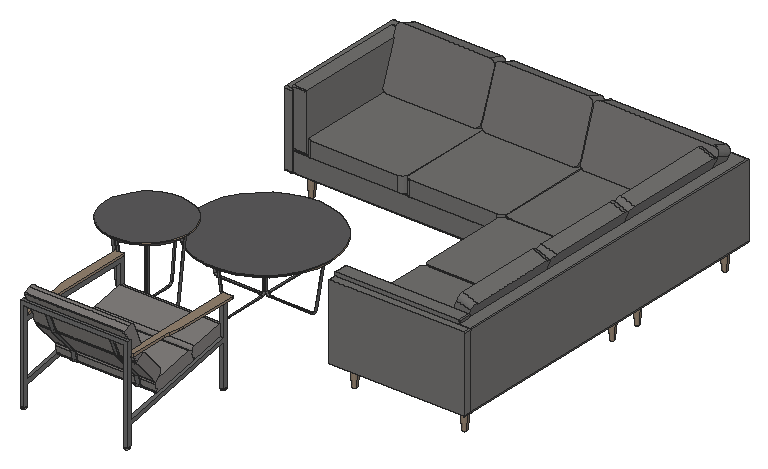
Revit family "Gus-Adelaide_Layout_01-Teknion-R2015", category Furniture Systems, Revit 2016 (continued)
Definition of nested family "Table-Teknion-ECCTARRR_Array-R2015"
  Lines and regions (in)
    symbolic lines, detail levels fine
      curve 1: line (-0.2827325, 0.1968632, 14.3700787) -> (-15.3175498, 0.1964415, 14.3700787)
      curve 2: line (-0.2827325, -0.1968632, 14.3700787) -> (-15.3175498, -0.1964415, 14.3700787)
      curve 3: arc (-15.3175498, 0.1964415, 14.3700787) -> (-15.5139858, 0, 14.3700787) -> (-15.3175498, -0.1964415, 14.3700787) r 0.1964415
      curve 4: arc (-0.2827325, 0.1968632, 14.3700787) -> (-0.0858693, 0, 14.3700787) -> (-0.2827325, -0.1968632, 14.3700787) r 0.1968632
      curve 5: line (0.1968632, 0.282738, 14.3700787) -> (0.1964415, 15.3175498, 14.3700787)
      curve 6: line (-0.1968632, 0.2827325, 14.3700787) -> (-0.1964415, 15.3175498, 14.3700787)
      curve 7: arc (0.1964415, 15.3175498, 14.3700787) -> (0, 15.5139858, 14.3700787) -> (-0.1964415, 15.3175498, 14.3700787) r 0.1964415
      curve 8: arc (0.1968632, 0.282738, 14.3700787) -> (0.0000028, 0.0858693, 14.3700787) -> (-0.1968632, 0.2827325, 14.3700787) r 0.1968632
      curve 9: line (0.2827325, -0.1968632, 14.3700787) -> (15.3175498, -0.1964415, 14.3700787)
      curve 10: line (0.2827325, 0.1968632, 14.3700787) -> (15.3175498, 0.1964415, 14.3700787)
      curve 11: arc (15.3175498, -0.1964415, 14.3700787) -> (15.5139858, 0, 14.3700787) -> (15.3175498, 0.1964415, 14.3700787) r 0.1964415
      curve 12: arc (0.2827325, -0.1968632, 14.3700787) -> (0.0858693, 0, 14.3700787) -> (0.2827325, 0.1968632, 14.3700787) r 0.1968632
      curve 13: line (-0.1968632, -0.282738, 14.3700787) -> (-0.1964415, -15.3175498, 14.3700787)
      curve 14: line (0.1968632, -0.2827325, 14.3700787) -> (0.1964415, -15.3175498, 14.3700787)
      curve 15: arc (-0.1964415, -15.3175498, 14.3700787) -> (0, -15.5139858, 14.3700787) -> (0.1964415, -15.3175498, 14.3700787) r 0.1964415
      curve 16: arc (-0.1968632, -0.282738, 14.3700787) -> (-0.0000028, -0.0858693, 14.3700787) -> (0.1968632, -0.2827325, 14.3700787) r 0.1968632
  Dimensions and locks (in)
    equal spacing: plane 8 "Front", plane 1 "Center F/B", plane 7 "Back"
    equal spacing: plane 5 "Left", plane 3 "Center L/R", plane 6 "Right"
    locked: plane 7 "Back" to plane 8 "Front" at 34.6456693
    locked: plane 5 "Left" to plane 6 "Right" at 34.6456693
    locked: plane 4 "Top" to plane 2 "Bottom" at 14.3700787
    locked: Sweep 1 sketch curve to plane 6 "Right" at 0.5511811
    locked: plane 4 "Top" to Sweep 2 sketch curve at 0.7874016
    plane 4 "Top" to Sweep 3 sketch curve to Sweep 3 sketch curve = 0.7874" locked, 0.15748" locked
    Sweep 3 sketch curve to plane 3 "Center L/R" to Sweep 3 sketch curve = 0.3937" locked, 0.3937" locked
    Sweep 3 sketch curve to plane 1 "Center F/B" to Sweep 3 sketch curve = 0.3937" locked, 0.3937" locked
    locked: Sweep 4 sketch curve to plane 3 "Center L/R" at 0.2827288
    locked: plane 3 "Center L/R" to Sweep 4 sketch curve at 0.0858656
    locked: Sweep 5 sketch curve to plane 3 "Center L/R" at 0.0858656
    locked: plane 3 "Center L/R" to Sweep 5 sketch curve at 0.2827288
    locked: Sweep 7 sketch curve to plane 1 "Center F/B" at 0.0858656
    locked: plane 1 "Center F/B" to Sweep 6 sketch curve at 0.0858656
    locked: Sweep 6 sketch curve to plane 1 "Center F/B" at 0.2827288
    locked: plane 1 "Center F/B" to Sweep 7 sketch curve at 0.2827288
    aligned and locked: level to plane 2 "Bottom"
    aligned and locked: plane 3 "Center L/R" to Sweep 1 sketch curve
    aligned and locked: plane 1 "Center F/B" to Sweep 1 sketch curve
    aligned and locked: Sweep 1 sketch curve to plane 4 "Top"
    aligned and locked: plane 6 "Right" to Sweep 1 sketch curve
    aligned and locked: Sweep 2 sketch curve to plane 3 "Center L/R"
    aligned and locked: plane 1 "Center F/B" to Sweep 2 sketch curve
    aligned and locked: plane 3 "Center L/R" to Sweep 2 sketch curve
    aligned and locked: plane 3 "Center L/R" to Sweep 3 sketch curve
    aligned and locked: plane 1 "Center F/B" to Sweep 4 sketch curve
    aligned and locked: Sweep 4 sketch curve to plane 2 "Bottom"
    aligned and locked: plane 2 "Bottom" to Sweep 5 sketch curve
    aligned and locked: plane 1 "Center F/B" to Sweep 5 sketch curve
    aligned and locked: Sweep 7 sketch curve to plane 2 "Bottom"
    aligned and locked: plane 2 "Bottom" to Sweep 6 sketch curve
    aligned and locked: plane 3 "Center L/R" to Sweep 6 sketch curve
    aligned and locked: plane 3 "Center L/R" to Sweep 7 sketch curve
    aligned and locked: plane 1 "Center F/B" to Masking region 1 sketch curve
    aligned and locked: plane 3 "Center L/R" to Masking region 1 sketch curve
  Automatic sketch dimensions
    Sweep 1 sketch curve to Sweep 1 sketch curve = 0.23622"
    Sweep 1 sketch curve to Sweep 1 sketch curve = 0.55118"
    Sweep 2 sketch curve to plane 4 "Top" = 0.000"
    profile plane to Sweep 2 sketch curve = 16.77165"
    profile plane to Sweep 3 sketch curve = 0.3937"
    Sweep 3 sketch curve to Sweep 3 sketch curve = 15.15748"  (x4)
    Sweep 3 sketch curve to profile plane = 0.3937"
    Sweep 3 sketch curve to plane 1 "Center F/B" = 0.3937"
    plane 1 "Center F/B" to Sweep 3 sketch curve = 0.3937"
    Sweep 4 sketch curve to plane 3 "Center L/R" = 1.28587"
    plane 5 "Left" to Sweep 4 sketch curve = 5.17338"
    level to Sweep 4 sketch curve = 0.99162"
    Sweep 4 sketch curve to Sweep 4 sketch curve = 1.18177"
    plane 5 "Left" to Sweep 4 sketch curve = 1.79924"
    Sweep 4 sketch curve to plane 4 "Top" = 0.94488"  (x2)
    Sweep 5 sketch curve to level = 0.99162"
    Sweep 5 sketch curve to plane 6 "Right" = 3.99161"
    Sweep 5 sketch curve to Sweep 5 sketch curve = 1.18177"
    Sweep 5 sketch curve to plane 3 "Center L/R" = 1.28587"
    Sweep 5 sketch curve to plane 6 "Right" = 1.79924"
    plane 4 "Top" to Sweep 5 sketch curve = 0.94488"  (x2)
    level to Sweep 6 sketch curve = 0.99162"
    Sweep 6 sketch curve to plane 8 "Front" = 3.99161"
    Sweep 6 sketch curve to Sweep 6 sketch curve = 1.18177"
    plane 1 "Center F/B" to Sweep 6 sketch curve = 1.28587"
    Sweep 6 sketch curve to plane 8 "Front" = 1.79924"
    Sweep 6 sketch curve to plane 4 "Top" = 0.94488"  (x2)
    level to Sweep 7 sketch curve = 0.99162"
    Sweep 7 sketch curve to plane 7 "Back" = 3.99161"
    Sweep 7 sketch curve to Sweep 7 sketch curve = 1.18177"
    Sweep 7 sketch curve to plane 1 "Center F/B" = 1.28587"
    Sweep 7 sketch curve to plane 7 "Back" = 1.79924"
    Sweep 7 sketch curve to plane 4 "Top" = 0.94488"  (x2)
    curve 15 to plane 3 "Center L/R" = 0.000"
    curve 16 to plane 3 "Center L/R" = 0.000"
    plane 1 "Center F/B" to curve 11 = 0.000"
    plane 1 "Center F/B" to curve 4 = 0.000"
    plane 1 "Center F/B" to curve 3 = 0.000"
    plane 1 "Center F/B" to curve 12 = 0.000"
    curve 8 to plane 3 "Center L/R" = 0.000"
    curve 7 to plane 3 "Center L/R" = 0.000"
    plane 1 "Center F/B" to curve 16 = 0.28273"
    curve 15 to plane 8 "Front" = 2.00529"
    curve 8 to plane 1 "Center F/B" = 0.28273"
    curve 7 to plane 7 "Back" = 2.00529"
    plane 3 "Center L/R" to curve 12 = 0.28273"
    plane 6 "Right" to curve 11 = 2.00529"
    curve 4 to plane 3 "Center L/R" = 0.28273"
    plane 5 "Left" to curve 3 = 2.00529"
    plane 1 "Center F/B" to curve 9 = 0.19644"
    plane 1 "Center F/B" to curve 3 = 0.19644"
    curve 16 to curve 9 = 0.08587"
    plane 1 "Center F/B" to curve 4 = 0.19686"
    curve 13 to curve 2 = 0.08587"
    curve 15 to curve 15 = 0.00001"
    curve 13 to curve 15 = 0.00001"
    curve 12 to curve 5 = 0.08587"
    curve 7 to curve 7 = 0.00001"  (x2)
    plane 3 "Center L/R" to curve 5 = 0.19644"
    plane 3 "Center L/R" to curve 15 = 0.19644"
    curve 12 to curve 8 = 0.08587"
    curve 12 to curve 16 = 0.08587"
    curve 11 to curve 11 = 0.00001"
    curve 9 to curve 11 = 0.00001"
    curve 3 to curve 3 = 0.00001"  (x2)
    radius of Sweep 1 sketch curve = 17.32283"
    radius of Sweep 4 sketch curve = 0.19686"
    radius of Sweep 5 sketch curve = 0.19686"
    radius of Sweep 6 sketch curve = 0.19686"
    radius of Sweep 7 sketch curve = 0.19686"
    radius of Masking region 1 sketch curve = 17.32283"
